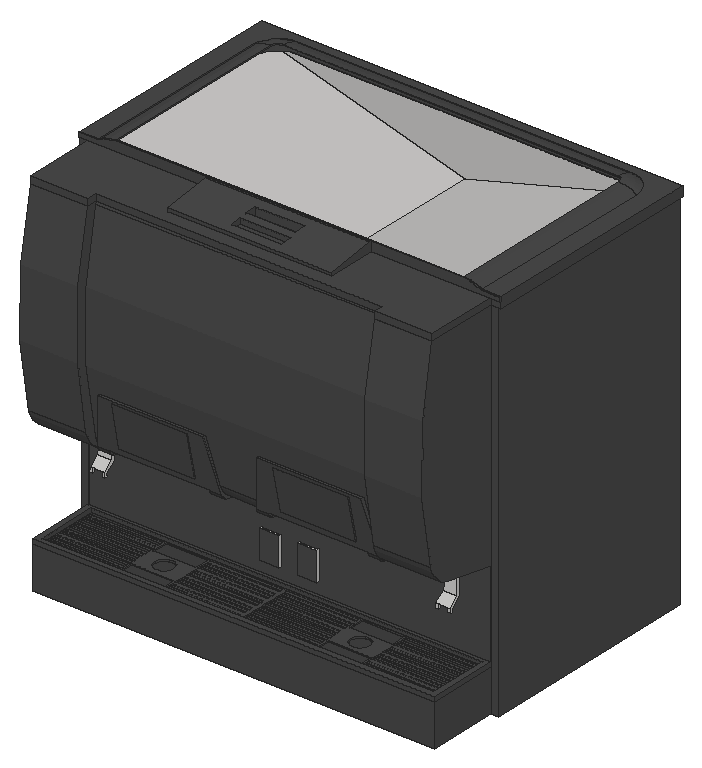
Revit family "QF_LANCER_TWINPOUR 44", category Specialty Equipment, Revit 2015
Parameters
  Weight in Pounds = 745
  Watts = if(Phase = 3, Volts * FL Amps * 1.73, Volts * FL Amps)  # 690 W
  Waste Water Discharge Temperature = 0 °F
  Volts = 115 V
  URL Cutsheet = ""
  Specification by User = ""
  Specification by Manufacturer = ""
  Serial Number = ""
  Seismic Rating = ""
  SMACNA No = ""
  Revision Code = ""
  Plumbing Remarks = ""
  Plumbing Connection Type = ""
  Phase = 1
  Number of Poles = 1
  NAFEM Spec ID Number = ""
  Model = "TWINPOUR 44"
  Min Ckt Ampacity = 0 A
  Max Overcurrent Protection = 0 A
  Material and Finishes = QF_Plastic - Black - Matte
  Masterspec = ""
  Manufacturer = "LANCER"
  Length = 44.00"
  Item Number = ""
  Installed By = ""
  Indirect Waste Size = 1 1/2"
  Indirect Waste Connection Type = ""
  Indirect Waste Connection Height = 0.00"
  Identify Quantity as Lot = yes
  Height = 39.38"
  HP = ""
  Furnished By = ""
  Foodservice Equipment Identifier = yes
  FL Amps = 6 A
  Electrical Remarks = ""
  Electric Connection Type = ""
  Elec Conn RI Height = 0.00"
  Elec Conn Connection Height = 0.00"
  Description = "ICE BEVERAGE DISPENSER"
  Depth = 31.13"
  Cycle = 60 Hz
  Conn Plug = ""
  Conn Conduit = yes
  Cold Water Temperature Recommended = 0 °F
  Cold Water Size = 3/8"
  Cold Water RI Height = 0.00"
  Cold Water Minimum Pressure = 0.00 psi
  Cold Water Maximum Pressure = 0.00 psi
  Cold Water Flow = 0 GPM
  Cold Water Consumption = ""
  Cold Water Connection Height = 0.00"
  CSI MasterFormat = ""
  Apparent Power = if(Phase = 3, Volts * FL Amps * 1.73, Volts * FL Amps)  # 690 VA
Reference planes (in)
  plane 1 "BACK": y = 0
  plane 2: z = 0
  plane 3 "LEFT": x = 0
  plane 4 "RIGHT": x = 44
  plane 5 "FRONT": y = -31.13
  plane 6 "TOP": z = 39.38
  plane 7 "Center Y": x = 22
  plane 8 "Center X": y = -15.565
  plane 9: y = -23.64038
Forms (in)
  Extrusion 1, solid, material "QF_Plastic - Black - Smooth"
    sketch origin (0, 0, 0) x (0, 1, 0) y (0, 0, 1)
      loop
        line (-23.75, 38.27297) -> (-31.44694, 38.27297)
        arc (-31.44694, 38.27297) -> (-32.90625, 27.686) -> (-31.6352, 17.07478) r 41.82941
        arc (-31.6352, 17.07478) -> (-30.76922, 15.61208) -> (-29.24743, 14.85475) r 3
        line (-29.24743, 14.85475) -> (-23.75, 13.88541) -> (-23.75, 38.27297)
    from 1 to 7
  Extrusion 2, solid, material "QF_Plastic - Black - Smooth"
    sketch origin (44, 0, 0) x (0, 1, 0) y (0, 0, -1)
      loop
        line (-23.75, -38.27297) -> (-23.75, -13.88541) -> (-29.24743, -14.85475)
        arc (-29.24743, -14.85475) -> (-30.76922, -15.61208) -> (-31.6352, -17.07478) r 3
        arc (-31.6352, -17.07478) -> (-32.90625, -27.686) -> (-31.44694, -38.27297) r 41.82941
        line (-31.44694, -38.27297) -> (-23.75, -38.27297)
    from 1 to 7
  Extrusion 3, solid, material "QF_Plastic - Black - Smooth"
    sketch origin (0, 0, 0) x (0, 1, 0) y (0, 0, 1)
      loop
        arc (-30.48639, 16.21937) -> (-29.91612, 15.28343) -> (-28.93286, 14.79928) r 1.9624
        line (-28.93286, 14.79928) -> (-23.75, 13.88541) -> (-23.75, 38.27297) -> (-30.41948, 38.27297)
        arc (-30.41948, 38.27297) -> (-30.45278, 38.18128) -> (-30.48091, 38.08787) r 1.75
        arc (-30.48091, 38.08787) -> (-31.93805, 27.15399) -> (-30.48639, 16.21937) r 41.82941
    from 7 to 37
  Extrusion 4, solid, material "QF_Metal - Stainless - Polished"
    sketch origin (-38.39759, -180, 38.27297) x (0, -1, 0) y (-1, 0, 0)
      loop
        line (-180, -81.39759) -> (-156.25, -81.39759) -> (-156.25, -39.39759) -> (-180, -39.39759) -> (-180, -81.39759)
    from 0 to 38.27297
  Extrusion 5, solid, material "QF_Plastic - Black - Matte" <- "Material and Finishes"
    sketch origin (0, 0, 0) x (1, 0, 0) y (0, 0, 1)
      loop
        line (0.25, 38.27297) -> (0.25, 0) -> (1, 0) -> (1, 38.27297) -> (0.25, 38.27297)
      loop
        line (43.75, 38.27297) -> (43, 38.27297) -> (43, 0) -> (43.75, 0) -> (43.75, 38.27297)
    from 0 to 23.75
  Extrusion 6, solid, material "QF_Plastic - Black - Matte"
    sketch origin (0, 0, 0) x (1, 0, 0) y (0, 1, 0)
      loop
        line (1, -23.75) -> (1, -31.13) -> (43, -31.13) -> (43, -23.75) -> (1, -23.75)
      loop
        line (1.5, -24.15076) -> (1.5, -30.63) -> (42.5, -30.63) -> (42.5, -24.15076) -> (1.5, -24.15076)
    from 4.35809 to 4.85809
  Extrusion 7, solid, material "QF_Plastic - Black - Matte" <- "Material and Finishes"
    sketch origin (0, 0, 0) x (1, 0, 0) y (0, 1, 0)
      loop
        line (1, -23.75) -> (1, -31.13) -> (43, -31.13) -> (43, -23.75) -> (1, -23.75)
      loop
        line (1.5, -24.15076) -> (1.5, -30.63) -> (42.5, -30.63) -> (42.5, -24.15076) -> (1.5, -24.15076)
    from 4.35809 to 0
  Extrusion 8, solid, material "QF_Metal - Stainless - Polished"
    sketch origin (0, 0, 0) x (0, 1, 0) y (1, 0, 0)
      loop
        line (-24.15076, 1.5) -> (-24.15076, 42.5) -> (-30.63, 42.5) -> (-30.63, 1.5) -> (-24.15076, 1.5)
    from 0 to -0.13
  Extrusion 9, solid, material "QF_Plastic - Black - Matte"
    sketch origin (0, 0, 4.35809) x (1, 0, 0) y (0, 1, 0)
      loop
        line (1.5, -30.63) -> (42.5, -30.63) -> (42.5, -24.15076) -> (1.5, -24.15076) -> (1.5, -30.63)
      loop
        circle (11.75, -27.39038) r 1
      loop
        line (1.6994, -27.26538) -> (1.6994, -27.51538) -> (9.3244, -27.51538) -> (9.3244, -27.26538) -> (1.6994, -27.26538)
      loop
        line (1.6994, -26.76538) -> (1.6994, -27.01538) -> (9.3244, -27.01538) -> (9.3244, -26.76538) -> (1.6994, -26.76538)
      loop
        line (1.6994, -26.26538) -> (1.6994, -26.51538) -> (9.3244, -26.51538) -> (9.3244, -26.26538) -> (1.6994, -26.26538)
      loop
        line (1.6994, -25.76538) -> (1.6994, -26.01538) -> (9.3244, -26.01538) -> (9.3244, -25.76538) -> (1.6994, -25.76538)
      loop
        line (1.6994, -25.26538) -> (1.6994, -25.51538) -> (9.3244, -25.51538) -> (9.3244, -25.26538) -> (1.6994, -25.26538)
      loop
        line (1.6994, -24.76538) -> (1.6994, -25.01538) -> (9.3244, -25.01538) -> (9.3244, -24.76538) -> (1.6994, -24.76538)
      loop
        line (1.6994, -24.26538) -> (1.6994, -24.51538) -> (9.3244, -24.51538) -> (9.3244, -24.26538) -> (1.6994, -24.26538)
      loop
        line (1.6994, -28.01538) -> (9.3244, -28.01538) -> (9.3244, -27.76538) -> (1.6994, -27.76538) -> (1.6994, -28.01538)
      loop
        line (1.6994, -28.51538) -> (9.3244, -28.51538) -> (9.3244, -28.26538) -> (1.6994, -28.26538) -> (1.6994, -28.51538)
      loop
        line (1.6994, -29.01538) -> (9.3244, -29.01538) -> (9.3244, -28.76538) -> (1.6994, -28.76538) -> (1.6994, -29.01538)
      loop
        line (1.6994, -29.51538) -> (9.3244, -29.51538) -> (9.3244, -29.26538) -> (1.6994, -29.26538) -> (1.6994, -29.51538)
      loop
        line (1.6994, -30.01538) -> (9.3244, -30.01538) -> (9.3244, -29.76538) -> (1.6994, -29.76538) -> (1.6994, -30.01538)
      loop
        line (1.6994, -30.51538) -> (9.3244, -30.51538) -> (9.3244, -30.26538) -> (1.6994, -30.26538) -> (1.6994, -30.51538)
      loop
        circle (32.25, -27.39038) r 1
      loop
        line (21.8006, -27.26538) -> (14.1756, -27.26538) -> (14.1756, -27.51538) -> (21.8006, -27.51538) -> (21.8006, -27.26538)
      loop
        line (21.8006, -26.76538) -> (14.1756, -26.76538) -> (14.1756, -27.01538) -> (21.8006, -27.01538) -> (21.8006, -26.76538)
      loop
        line (21.8006, -26.26538) -> (14.1756, -26.26538) -> (14.1756, -26.51538) -> (21.8006, -26.51538) -> (21.8006, -26.26538)
      loop
        line (21.8006, -25.76538) -> (14.1756, -25.76538) -> (14.1756, -26.01538) -> (21.8006, -26.01538) -> (21.8006, -25.76538)
      loop
        line (21.8006, -25.26538) -> (14.1756, -25.26538) -> (14.1756, -25.51538) -> (21.8006, -25.51538) -> (21.8006, -25.26538)
      loop
        line (21.8006, -24.76538) -> (14.1756, -24.76538) -> (14.1756, -25.01538) -> (21.8006, -25.01538) -> (21.8006, -24.76538)
      loop
        line (21.8006, -24.26538) -> (14.1756, -24.26538) -> (14.1756, -24.51538) -> (21.8006, -24.51538) -> (21.8006, -24.26538)
      loop
        line (21.8006, -28.01538) -> (21.8006, -27.76538) -> (14.1756, -27.76538) -> (14.1756, -28.01538) -> (21.8006, -28.01538)
      loop
        line (21.8006, -28.51538) -> (21.8006, -28.26538) -> (14.1756, -28.26538) -> (14.1756, -28.51538) -> (21.8006, -28.51538)
      loop
        line (21.8006, -29.01538) -> (21.8006, -28.76538) -> (14.1756, -28.76538) -> (14.1756, -29.01538) -> (21.8006, -29.01538)
      loop
        line (21.8006, -29.51538) -> (21.8006, -29.26538) -> (14.1756, -29.26538) -> (14.1756, -29.51538) -> (21.8006, -29.51538)
      loop
        line (21.8006, -30.01538) -> (21.8006, -29.76538) -> (14.1756, -29.76538) -> (14.1756, -30.01538) -> (21.8006, -30.01538)
      loop
        line (21.8006, -30.51538) -> (21.8006, -30.26538) -> (14.1756, -30.26538) -> (14.1756, -30.51538) -> (21.8006, -30.51538)
      loop
        line (22.1994, -27.26538) -> (22.1994, -27.51538) -> (29.8244, -27.51538) -> (29.8244, -27.26538) -> (22.1994, -27.26538)
      loop
        line (22.1994, -26.76538) -> (22.1994, -27.01538) -> (29.8244, -27.01538) -> (29.8244, -26.76538) -> (22.1994, -26.76538)
      loop
        line (22.1994, -26.26538) -> (22.1994, -26.51538) -> (29.8244, -26.51538) -> (29.8244, -26.26538) -> (22.1994, -26.26538)
      loop
        line (22.1994, -25.76538) -> (22.1994, -26.01538) -> (29.8244, -26.01538) -> (29.8244, -25.76538) -> (22.1994, -25.76538)
      loop
        line (22.1994, -25.26538) -> (22.1994, -25.51538) -> (29.8244, -25.51538) -> (29.8244, -25.26538) -> (22.1994, -25.26538)
      loop
        line (22.1994, -24.76538) -> (22.1994, -25.01538) -> (29.8244, -25.01538) -> (29.8244, -24.76538) -> (22.1994, -24.76538)
      loop
        line (22.1994, -24.26538) -> (22.1994, -24.51538) -> (29.8244, -24.51538) -> (29.8244, -24.26538) -> (22.1994, -24.26538)
      loop
        line (22.1994, -28.01538) -> (29.8244, -28.01538) -> (29.8244, -27.76538) -> (22.1994, -27.76538) -> (22.1994, -28.01538)
      loop
        line (22.1994, -28.51538) -> (29.8244, -28.51538) -> (29.8244, -28.26538) -> (22.1994, -28.26538) -> (22.1994, -28.51538)
      loop
        line (22.1994, -29.01538) -> (29.8244, -29.01538) -> (29.8244, -28.76538) -> (22.1994, -28.76538) -> (22.1994, -29.01538)
      loop
        line (22.1994, -29.51538) -> (29.8244, -29.51538) -> (29.8244, -29.26538) -> (22.1994, -29.26538) -> (22.1994, -29.51538)
      loop
        line (22.1994, -30.01538) -> (29.8244, -30.01538) -> (29.8244, -29.76538) -> (22.1994, -29.76538) -> (22.1994, -30.01538)
      loop
        line (22.1994, -30.51538) -> (29.8244, -30.51538) -> (29.8244, -30.26538) -> (22.1994, -30.26538) -> (22.1994, -30.51538)
      loop
        line (42.3006, -27.26538) -> (34.6756, -27.26538) -> (34.6756, -27.51538) -> (42.3006, -27.51538) -> (42.3006, -27.26538)
      loop
        line (42.3006, -26.76538) -> (34.6756, -26.76538) -> (34.6756, -27.01538) -> (42.3006, -27.01538) -> (42.3006, -26.76538)
      loop
        line (42.3006, -26.26538) -> (34.6756, -26.26538) -> (34.6756, -26.51538) -> (42.3006, -26.51538) -> (42.3006, -26.26538)
      loop
        line (42.3006, -25.76538) -> (34.6756, -25.76538) -> (34.6756, -26.01538) -> (42.3006, -26.01538) -> (42.3006, -25.76538)
      loop
        line (42.3006, -25.26538) -> (34.6756, -25.26538) -> (34.6756, -25.51538) -> (42.3006, -25.51538) -> (42.3006, -25.26538)
      loop
        line (42.3006, -24.76538) -> (34.6756, -24.76538) -> (34.6756, -25.01538) -> (42.3006, -25.01538) -> (42.3006, -24.76538)
      loop
        line (42.3006, -24.26538) -> (34.6756, -24.26538) -> (34.6756, -24.51538) -> (42.3006, -24.51538) -> (42.3006, -24.26538)
      loop
        line (42.3006, -28.01538) -> (42.3006, -27.76538) -> (34.6756, -27.76538) -> (34.6756, -28.01538) -> (42.3006, -28.01538)
      loop
        line (42.3006, -28.51538) -> (42.3006, -28.26538) -> (34.6756, -28.26538) -> (34.6756, -28.51538) -> (42.3006, -28.51538)
      loop
        line (42.3006, -29.01538) -> (42.3006, -28.76538) -> (34.6756, -28.76538) -> (34.6756, -29.01538) -> (42.3006, -29.01538)
      loop
        line (42.3006, -29.51538) -> (42.3006, -29.26538) -> (34.6756, -29.26538) -> (34.6756, -29.51538) -> (42.3006, -29.51538)
      loop
        line (42.3006, -30.01538) -> (42.3006, -29.76538) -> (34.6756, -29.76538) -> (34.6756, -30.01538) -> (42.3006, -30.01538)
      loop
        line (42.3006, -30.51538) -> (42.3006, -30.26538) -> (34.6756, -30.26538) -> (34.6756, -30.51538) -> (42.3006, -30.51538)
      loop
        line (9.50184, -24.26538) -> (9.50184, -26.01538) -> (13.99816, -26.01538) -> (13.99816, -24.26538) -> (9.50184, -24.26538)
      loop
        line (9.50184, -28.76538) -> (9.50184, -30.51538) -> (13.99816, -30.51538) -> (13.99816, -28.76538) -> (9.50184, -28.76538)
      loop
        line (34.49816, -24.26538) -> (30.00184, -24.26538) -> (30.00184, -26.01538) -> (34.49816, -26.01538) -> (34.49816, -24.26538)
      loop
        line (34.49816, -28.76538) -> (30.00184, -28.76538) -> (30.00184, -30.51538) -> (34.49816, -30.51538) -> (34.49816, -28.76538)
    from 0 to 0.13
  Extrusion 10, solid, material "QF_Metal - Stainless - Polished"
    sketch origin (0, 0, 0) x (0, 1, 0) y (0, 0, 1)
      loop
        line (-25.02385, 14.11002) -> (-25.40646, 10.99393) -> (-26.32979, 10.21917) -> (-26.32979, 9.58614) -> (-26.16909, 9.58614) -> (-26.16909, 10.02765) -> (-25.17032, 10.86572) -> (-24.77731, 14.06655) -> (-25.02385, 14.11002)
    from 3.08521 to 4.8212
  Extrusion 11, void
    sketch origin (0, 0, 0) x (1, 0, 0) y (0, 0, 1)
      loop
        line (3.17354, 9.77447) -> (3.48744, 14.26351) -> (2.83741, 14.26351) -> (2.83741, 9.26351) -> (5.069, 9.26351) -> (5.069, 14.26351) -> (4.41896, 14.26351) -> (4.73287, 9.77447) -> (4.44928, 9.77447) -> (4.44928, 10.21917) -> (3.45713, 10.21917) -> (3.45713, 9.77447) -> (3.17354, 9.77447)
      loop
        line (40.82646, 9.77447) -> (40.54287, 9.77447) -> (40.54287, 10.21917) -> (39.55072, 10.21917) -> (39.55072, 9.77447) -> (39.26713, 9.77447) -> (39.58104, 14.26351) -> (38.931, 14.26351) -> (38.931, 9.26351) -> (41.16259, 9.26351) -> (41.16259, 14.26351) -> (40.51256, 14.26351) -> (40.82646, 9.77447)
    from 23.64038 to 27.16426
  Extrusion 12, solid, material "QF_Plastic - Black - Smooth"
    sketch origin (-0.04072, 0, 0) x (1, 0, 0) y (0, 0, 1)
      loop
        line (2.61892, 13.86608) -> (5.36892, 13.86608) -> (5.36892, 15.36608) -> (2.61892, 15.36608) -> (2.61892, 13.86608)
    from 23.75 to 25.70479
  Extrusion 13, solid, material "QF_Metal - Stainless - Polished"
    sketch origin (44, 0, 0) x (0, 1, 0) y (0, 0, -1)
      loop
        line (-25.02385, -14.11002) -> (-24.77731, -14.06655) -> (-25.17032, -10.86572) -> (-26.16909, -10.02765) -> (-26.16909, -9.58614) -> (-26.32979, -9.58614) -> (-26.32979, -10.21917) -> (-25.40646, -10.99393) -> (-25.02385, -14.11002)
    from 3.08521 to 4.8212
  Extrusion 14, solid, material "QF_Plastic - Black - Smooth"
    sketch origin (44.04072, 0, 0) x (-1, 0, 0) y (0, 0, -1)
      loop
        line (2.61892, -13.86608) -> (2.61892, -15.36608) -> (5.36892, -15.36608) -> (5.36892, -13.86608) -> (2.61892, -13.86608)
    from 23.75 to 25.70479
  Extrusion 15, void
    sketch origin (0, -31.29292, 1.27927) x (1, 0, 0) y (0, 0.003758, 0.999993)
      loop
        line (8.2253, 19.77968) -> (6.87918, 12.14546) -> (20.52009, 12.14546) -> (19.17397, 19.77968) -> (8.2253, 19.77968)
    from -7.41795 to 1.59344
  Extrusion 16, solid, material "QF_Metal - Stainless - Polished"
    sketch origin (0, 0, 0) x (-1, 0, 0) y (0, 0, 1)
      loop
        circle (-22, 19.69) r 0.5
      loop
        circle (-22, 17.79376) r 0.1875
      loop
        circle (-22, 17.04376) r 0.1875
    from 0 to 0.13
  Extrusion 17, void
    sketch origin (0, 0, 0) x (-1, 0, 0) y (0, 1, 0)
      loop
        circle (-22, -27.38519) r 0.75
    from 0 to -0.13
  Extrusion 18, void
    sketch origin (44, -31.29292, 1.27927) x (-1, 0, 0) y (0, -0.003758, -0.999993)
      loop
        line (8.2253, -19.77968) -> (19.17397, -19.77968) -> (20.52009, -12.14546) -> (6.87918, -12.14546) -> (8.2253, -19.77968)
    from -7.41795 to 1.59344
  Extrusion 19, solid, material "QF_Plastic - Black - Smooth"
    sketch origin (0, -23.87503, 1.2514) x (1, 0, 0) y (0, 0.003758, 0.999993)
      loop
        line (8.26436, 19.77968) -> (7.00681, 12.64777) -> (20.43152, 12.64777) -> (19.17397, 19.77968) -> (8.26436, 19.77968)
      loop
        line (35.73564, 19.77968) -> (24.82603, 19.77968) -> (23.56848, 12.64777) -> (36.99319, 12.64777) -> (35.73564, 19.77968)
    from 0 to 8.08029
  Extrusion 20, void
    sketch origin (0, 0, 0) x (0, 1, 0) y (0, 0, 1)
      loop
        line (-31.77908, 21.66214) -> (-32.37867, 21.66214) -> (-32.4096, 13.43132) -> (-23.86223, 13.3992) -> (-23.86223, 13.70211) -> (-29.90627, 14.86389)
        arc (-29.90627, 14.86389) -> (-30.2171, 15.01883) -> (-30.40258, 15.31247) r 0.64519
        arc (-30.40258, 15.31247) -> (-31.21369, 18.46067) -> (-31.77908, 21.66214) r 42.03738
    from 6.1986 to 38.03394
  Extrusion 21, void
    sketch origin (-1.125, 0, 0) x (0, 1, 0) y (1, 0, 0)
      loop
        line (-25.12819, 11.29832) -> (-25.12819, 18.40328) -> (-30.08549, 20.01401)
        arc (-30.08549, 20.01401) -> (-30.75809, 19.90748) -> (-31.06725, 19.30072) r 0.75
        line (-31.06725, 19.30072) -> (-31.06725, 10.40089)
        arc (-31.06725, 10.40089) -> (-30.75809, 9.79412) -> (-30.08549, 9.68759) r 0.75
        line (-30.08549, 9.68759) -> (-25.12819, 11.29832)
    from -15.45983 to -13.62221
  Extrusion 22, void
    sketch origin (45.125, 0, 0) x (0, -1, 0) y (-1, 0, 0)
      loop
        line (25.12819, 11.29832) -> (30.08549, 9.68759)
        arc (30.08549, 9.68759) -> (30.75809, 9.79412) -> (31.06725, 10.40089) r 0.75
        line (31.06725, 10.40089) -> (31.06725, 19.30072)
        arc (31.06725, 19.30072) -> (30.75809, 19.90748) -> (30.08549, 20.01401) r 0.75
        line (30.08549, 20.01401) -> (25.12819, 18.40328) -> (25.12819, 11.29832)
    from -15.45983 to -13.62221
  Revolve 23, solid, material "QF_Plastic - Black - Smooth"
    sketch origin (0, -27.37096, 0.46249) x (1, 0, 0) y (0, 0, 1)
      loop
        line (13.84509, 13.32552) -> (13.84509, 15.45983) -> (12.84509, 15.45983) -> (12.84509, 15.26773) -> (13.13855, 14.36456) -> (13.13855, 13.4702)
        arc (13.13855, 13.4702) -> (13.18093, 13.3679) -> (13.28324, 13.32552) r 0.14469
        line (13.28324, 13.32552) -> (13.84509, 13.32552)
      axis (13.84509, 13.32552) -> (13.84509, 15.45983)
    angle from 0 to 360
  Revolve 24, solid, material "QF_Plastic - Black - Smooth"
    sketch origin (44, -27.37096, 0.46249) x (-1, 0, 0) y (0, 0, -1)
      loop
        line (13.84509, -13.32552) -> (13.28324, -13.32552)
        arc (13.28324, -13.32552) -> (13.18093, -13.3679) -> (13.13855, -13.4702) r 0.14469
        line (13.13855, -13.4702) -> (13.13855, -14.36456) -> (12.84509, -15.26773) -> (12.84509, -15.45983) -> (13.84509, -15.45983) -> (13.84509, -13.32552)
      axis (13.84509, -13.32552) -> (13.84509, -15.45983)
    angle from 0 to 360
  Extrusion 25, solid, material "QF_Metal - Stainless - Polished"
    sketch origin (42, -23.75, 38.27297) x (-1, 0, 0) y (0, 0, -1)
      loop
        line (22.97074, 29.20701) -> (22.97074, 32.20701) -> (20.98128, 32.20701) -> (20.98128, 29.20701) -> (22.97074, 29.20701)
      loop
        line (17.02926, 29.20701) -> (19.01872, 29.20701) -> (19.01872, 32.20701) -> (17.02926, 32.20701) -> (17.02926, 29.20701)
    from 0 to 0.25
  Extrusion 26, solid, material "QF_Plastic - Black - Smooth"
    sketch origin (0, 0, 0) x (0, 1, 0) y (0, 0, 1)
      loop
        line (-30.6475, 16.10515) -> (-30.53341, 16.10515)
        arc (-30.53341, 16.10515) -> (-31.09324, 18.39366) -> (-31.52459, 20.70983) r 42.23422
        line (-31.52459, 20.70983) -> (-31.63752, 20.70983)
        arc (-31.63752, 20.70983) -> (-31.20705, 18.39361) -> (-30.6475, 16.10515) r 42.0342
    from 9.63114 to 17.50219
  Extrusion 27, solid, material "QF_Plastic - Black - Smooth"
    sketch origin (44, 0, 0) x (0, 1, 0) y (0, 0, -1)
      loop
        arc (-30.6475, -16.10515) -> (-31.20705, -18.39361) -> (-31.63752, -20.70983) r 42.0342
        line (-31.63752, -20.70983) -> (-31.52459, -20.70983)
        arc (-31.52459, -20.70983) -> (-31.09324, -18.39366) -> (-30.53341, -16.10515) r 42.23422
        line (-30.53341, -16.10515) -> (-30.6475, -16.10515)
    from 9.63114 to 17.50219
  Extrusion 28, void
    sketch origin (44, -22.75, 38.27297) x (-1, 0, 0) y (0, 0, 1)
      loop
        line (2, 0) -> (22, -5.51924) -> (42, 0) -> (2, 0)
    from -1 to 21.75
  Extrusion 29, solid, material "QF_Plastic - Black - Smooth"
    sketch origin (0, -23.64038, 37.84663) x (0, -1, 0) y (1, 0, 0)
      loop
        line (7.80656, 1) -> (7.80656, 7) -> (6.7791, 7) -> (6.7791, 37) -> (7.80656, 37) -> (7.80656, 43) -> (0.10962, 43) -> (0.10962, 1) -> (7.80656, 1)
    from 0.42634 to 1.10703
  Extrusion 30, solid, material "QF_Plastic - Black - Smooth"
    sketch origin (-38.39759, -180, 38.95366) x (-1, 0, 0) y (0, -1, 0)
      loop
        line (-38.39759, -180) -> (-38.39759, -156.25) -> (-40.39759, -156.25) -> (-40.39759, -176.49)
        arc (-40.39759, -176.49) -> (-41.13275, -178.26484) -> (-42.90759, -179) r 2.51
        line (-42.90759, -179) -> (-77.88759, -179)
        arc (-77.88759, -179) -> (-79.66243, -178.26484) -> (-80.39759, -176.49) r 2.51
        line (-80.39759, -176.49) -> (-80.39759, -156.25) -> (-82.39759, -156.25) -> (-82.39759, -180) -> (-38.39759, -180)
    from 0.42634 to -0.68069
  Extrusion 31, solid, material "QF_Plastic - Black - Smooth"
    sketch origin (0, -23.64038, 38.95366) x (0, -1, 0) y (1, 0, 0)
      loop
        line (1.48462, 19.375) -> (2.60606, 19.375) -> (2.60606, 24.625) -> (1.48462, 24.625) -> (1.48462, 19.375)
      loop
        line (3.35701, 19.375) -> (4.47845, 19.375) -> (4.47845, 24.625) -> (3.35701, 24.625) -> (3.35701, 19.375)
      loop
        line (0.23962, 13.43322) -> (5.375, 13.43322) -> (5.375, 30.56678) -> (0.23962, 30.56678) -> (0.23962, 13.43322)
    from 0 to 1
  Extrusion 32, void
    sketch origin (0, 0, -0.42634) x (0, 1, 0) y (0, 0, 1)
      loop
        line (-23.78944, 40.41479) -> (-23.78944, 40.89934) -> (-29.23592, 40.89934) -> (-29.23592, 39.64934) -> (-23.78944, 40.41479)
    from 12.58687 to 31.8212
  Extrusion 33, solid, material "QF_Plastic - Black - Smooth"
    sketch origin (44, -23.75, 38.95366) x (-1, 0, 0) y (0, 0, -1)
      loop
        line (44, 0) -> (0, 0) -> (0, -0.42634) -> (2, -0.42634)
        arc (2, -0.42634) -> (2.87974, -0.83453) -> (3.83788, -0.98459) r 3.48649
        line (3.83788, -0.98459) -> (22, -0.98459) -> (40.16212, -0.98459)
        arc (40.16212, -0.98459) -> (41.05711, -0.81833) -> (41.87869, -0.42634) r 3.49095
        line (41.87869, -0.42634) -> (44, -0.42634) -> (44, 0)
    from 0 to 0.13
  Sweep 34, solid, material "QF_Plastic - Black - Smooth"
    path origin (-38.39759, -180, 39.38) x (-1, 0, 0) y (0, -1, 0)
      loop
        line (-40.39759, -156.25) -> (-40.39759, -176.49)
        arc (-40.39759, -176.49) -> (-41.13275, -178.26484) -> (-42.90759, -179) r 2.51
        line (-42.90759, -179) -> (-77.88759, -179)
        arc (-77.88759, -179) -> (-79.66243, -178.26484) -> (-80.39759, -176.49) r 2.51
        line (-80.39759, -176.49) -> (-80.39759, -156.25)
    profile origin (42, -13.63, 39.38) x (1, 0, 0) y (0, 0, 1)
      loop
        arc (0, 0) -> (-0.88532, 0.39388) -> (-1.84024, 0.55837) r 3.91675
        line (-1.84024, 0.55837) -> (-1.84024, 0.50831)
        arc (-1.84024, 0.50831) -> (-0.93919, 0.35775) -> (-0.09861, 0) r 3.86675
        line (-0.09861, 0) -> (0, 0)
Cuts and joins
  joined: Extrusion 2, Extrusion 14
  Extrusion 15, Extrusion 18 cuts Extrusion 3
  Extrusion 17 cuts Extrusion 7
  Extrusion 17 cuts Extrusion 8
  Extrusion 11 cuts Extrusion 10
  Extrusion 18 cuts Extrusion 1
  Extrusion 20, Extrusion 21, Extrusion 22 cuts Extrusion 19
  joined: Extrusion 19, Revolve 23, Revolve 24, Extrusion 26
  Extrusion 28 cuts Extrusion 4
  Extrusion 32 cuts Extrusion 31
  Extrusion 11 cuts Extrusion 13
Lines and regions (in)
  symbolic lines
    curve 1: line (4.51, -2.84024, 0) -> (39.49, -2.84024, 0)
    curve 2: line (3.84024, -23.75, 0) -> (3.84024, -3.51, 0)
    curve 3: arc (3.84024, -3.51, 0) -> (4.03641, -3.03641, 0) -> (4.51, -2.84024, 0) r 0.66976
    curve 4: arc (39.49, -2.84024, 0) -> (39.96359, -3.03641, 0) -> (40.15976, -3.51, 0) r 0.66976
    curve 5: line (40.15976, -3.51, 0) -> (40.15976, -23.75, 0)
    curve 6: line (42, -3.51, 0) -> (42, -23.75, 0)
    curve 7: arc (39.49, -1, 0) -> (41.26484, -1.73516, 0) -> (42, -3.51, 0) r 2.51
    curve 8: line (4.51, -1, 0) -> (39.49, -1, 0)
    curve 9: arc (2, -3.51, 0) -> (2.73516, -1.73516, 0) -> (4.51, -1, 0) r 2.51
    curve 10: line (2, -23.75, 0) -> (2, -3.51, 0)
    curve 11: line (0, 0, 0) -> (0, -23.88, 0)
    curve 12: line (44, 0, 0) -> (0, 0, 0)
    curve 13: line (44, -23.88, 0) -> (44, 0, 0)
    curve 14: line (0, -23.88, 0) -> (44, -23.88, 0)
    curve 15: line (44, -23.75, 0) -> (0, -23.75, 0)
    curve 16: line (1, -23.88, 0) -> (1, -32.9079, 0)
    curve 17: line (1, -32.9079, 0) -> (7, -32.9079, 0)
    curve 18: line (7, -32.9079, 0) -> (7, -30.48639, 0)
    curve 19: line (7, -30.48639, 0) -> (37, -30.48639, 0)
    curve 20: line (37, -30.48639, 0) -> (37, -32.9079, 0)
    curve 21: line (37, -32.9079, 0) -> (43, -32.9079, 0)
    curve 22: line (43, -32.9079, 0) -> (43, -23.88, 0)
    curve 23: line (7, -31.93805, 0) -> (37, -31.93805, 0)
    curve 24: line (13.43322, -29.01538, 0) -> (30.56678, -29.01538, 0)
    curve 25: line (30.56678, -29.01538, 0) -> (30.56678, -23.88, 0)
    curve 26: line (13.43322, -29.01538, 0) -> (13.43322, -23.88, 0)
Dimensions and locks (in)
  equal spacing: plane 3 "LEFT", plane 7 "Center Y", plane 4 "RIGHT"
  "Length": plane 3 "LEFT" to plane 4 "RIGHT"
  equal spacing: plane 5 "FRONT", plane 8 "Center X", plane 1 "BACK"
  "Depth": plane 5 "FRONT" to plane 1 "BACK"
  "Height": plane 6 "TOP" to level
  plane 6 "TOP" to level = 39.38"
  equal spacing: plane 6 "TOP", Extrusion 16 sketch curve, level
  Extrusion 5 to plane 1 "BACK" = 23.75"
  plane 5 "FRONT" to plane 1 "BACK" = 31.13"
  aligned and locked: level to plane 2
Automatic sketch dimensions
  plane 5 "FRONT" to Extrusion 1 sketch curve = 0.31694"
  Extrusion 1 sketch curve to plane 5 "FRONT" = 1.88257"
  Extrusion 1 sketch curve to plane 5 "FRONT" = 2.40352"
  Extrusion 1 sketch curve to plane 6 "TOP" = 1.10703"
  Extrusion 1 sketch curve to plane 5 "FRONT" = 7.38"
  Extrusion 1 sketch curve to plane 1 "BACK" = 8.92151"
  Extrusion 1 sketch curve to plane 6 "TOP" = 12.06548"
  level to Extrusion 1 sketch curve = 17.80917"
  Extrusion 1 sketch curve to Extrusion 1 sketch curve = 2.95442"
  Extrusion 1 sketch curve to Extrusion 1 sketch curve = 0.96934"
  plane 5 "FRONT" to Extrusion 2 sketch curve = 0.31694"
  Extrusion 2 sketch curve to plane 5 "FRONT" = 1.88257"
  Extrusion 2 sketch curve to plane 5 "FRONT" = 2.40352"
  Extrusion 2 sketch curve to Extrusion 2 sketch curve = 5.49743"
  Extrusion 2 sketch curve to plane 1 "BACK" = 8.92151"
  Extrusion 2 sketch curve to plane 6 "TOP" = 1.10703"
  Extrusion 2 sketch curve to plane 6 "TOP" = 12.06548"
  level to Extrusion 2 sketch curve = 17.80917"
  Extrusion 2 sketch curve to Extrusion 2 sketch curve = 2.95442"
  Extrusion 2 sketch curve to Extrusion 2 sketch curve = 0.96934"
  Extrusion 3 sketch curve to plane 5 "FRONT" = 0.71052"
  Extrusion 3 sketch curve to plane 5 "FRONT" = 2.19714"
  Extrusion 3 sketch curve to Extrusion 3 sketch curve = 1.6276"
  Extrusion 3 sketch curve to Extrusion 3 sketch curve = 0.34077"
  Extrusion 3 sketch curve to Extrusion 3 sketch curve = 5.18286"
  Extrusion 3 sketch curve to plane 1 "BACK" = 9.89136"
  level to Extrusion 3 sketch curve = 13.88541"
  Extrusion 3 sketch curve to Extrusion 3 sketch curve = 0.91388"
  Extrusion 3 sketch curve to Extrusion 3 sketch curve = 1.93259"
  Extrusion 3 sketch curve to plane 6 "TOP" = 12.23649"
  Extrusion 3 sketch curve to plane 6 "TOP" = 1.75"
  Extrusion 3 sketch curve to plane 6 "TOP" = 1.10703"
  Extrusion 3 sketch curve to Extrusion 3 sketch curve = 0.00"
  plane 1 "BACK" to Extrusion 4 sketch curve = 0.00"
  plane 3 "LEFT" to Extrusion 4 sketch curve = 1.00"
  Extrusion 4 sketch curve to plane 5 "FRONT" = 7.38"
  plane 4 "RIGHT" to Extrusion 4 sketch curve = 1.00"
  Extrusion 5 sketch curve to level = 0.00"  (x2)
  plane 3 "LEFT" to Extrusion 5 sketch curve = 0.25"
  Extrusion 5 sketch curve to Extrusion 5 sketch curve = 0.75"
  plane 4 "RIGHT" to Extrusion 5 sketch curve = 1.00"
  plane 4 "RIGHT" to Extrusion 5 sketch curve = 0.25"
  Extrusion 5 sketch curve to plane 6 "TOP" = 1.10703"  (x2)
  plane 5 "FRONT" to Extrusion 6 sketch curve = 0.00"
  plane 3 "LEFT" to Extrusion 6 sketch curve = 1.00"
  Extrusion 6 sketch curve to Extrusion 6 sketch curve = 0.50"  (x2)
  Extrusion 6 sketch curve to plane 5 "FRONT" = 0.50"
  plane 4 "RIGHT" to Extrusion 6 sketch curve = 1.50"
  plane 9 to Extrusion 6 sketch curve = 0.51038"
  plane 9 to Extrusion 6 sketch curve = 0.10962"
  plane 5 "FRONT" to Extrusion 7 sketch curve = 0.00"
  plane 3 "LEFT" to Extrusion 7 sketch curve = 1.00"
  Extrusion 7 sketch curve to Extrusion 7 sketch curve = 0.50"  (x2)
  plane 4 "RIGHT" to Extrusion 7 sketch curve = 1.50"
  Extrusion 7 sketch curve to plane 5 "FRONT" = 0.50"
  Extrusion 7 sketch curve to Extrusion 7 sketch curve = 6.47924"
  Extrusion 7 sketch curve to Extrusion 7 sketch curve = 0.40076"
  Extrusion 8 sketch curve to Extrusion 7 = 0.00"  (x4)
  Extrusion 9 sketch curve to Extrusion 7 = 0.00"  (x3)
  Extrusion 7 to Extrusion 9 sketch curve = 0.00"
  Extrusion 7 to Extrusion 9 sketch curve = 0.1994"  (x26)
  Extrusion 7 to Extrusion 9 sketch curve = 0.86462"
  Extrusion 9 sketch curve to Extrusion 9 sketch curve = 7.625"  (x3)
  Extrusion 7 to Extrusion 9 sketch curve = 0.11462"  (x12)
  Extrusion 9 sketch curve to Extrusion 9 sketch curve = 0.00"  (x56)
  Extrusion 9 sketch curve to Extrusion 9 sketch curve = 0.17744"  (x14)
  Extrusion 9 sketch curve to Extrusion 9 sketch curve = 2.4256"  (x2)
  Extrusion 9 sketch curve to Extrusion 9 sketch curve = 2.24816"  (x4)
  Extrusion 7 to Extrusion 9 sketch curve = 2.86462"  (x2)
  Extrusion 7 to Extrusion 9 sketch curve = 0.36462"  (x2)
  Extrusion 9 sketch curve to Extrusion 9 sketch curve = 0.39881"  (x12)
  Extrusion 9 sketch curve to Extrusion 9 sketch curve = 0.25"  (x92)
  Extrusion 9 sketch curve to Extrusion 9 sketch curve = 0.125"  (x2)
  Extrusion 10 sketch curve to plane 5 "FRONT" = 4.80021"
  Extrusion 10 sketch curve to Extrusion 10 sketch curve = 0.1607"
  Extrusion 10 sketch curve to Extrusion 10 sketch curve = 0.92333"
  Extrusion 10 sketch curve to Extrusion 10 sketch curve = 0.23614"
  Extrusion 10 sketch curve to Extrusion 10 sketch curve = 0.38261"
  Extrusion 10 sketch curve to Extrusion 10 sketch curve = 0.24654"
  level to Extrusion 10 sketch curve = 9.58614"
  Extrusion 10 sketch curve to Extrusion 10 sketch curve = 0.44151"
  Extrusion 10 sketch curve to Extrusion 10 sketch curve = 0.19151"
  Extrusion 10 sketch curve to Extrusion 10 sketch curve = 0.83807"
  Extrusion 10 sketch curve to Extrusion 10 sketch curve = 0.12821"
  Extrusion 10 sketch curve to Extrusion 10 sketch curve = 3.07261"
  Extrusion 10 sketch curve to Extrusion 10 sketch curve = 0.04347"
  plane 3 "LEFT" to Extrusion 11 sketch curve = 2.83741"
  Extrusion 11 sketch curve to Extrusion 11 sketch curve = 0.33613"  (x2)
  Extrusion 11 sketch curve to Extrusion 11 sketch curve = 0.28359"  (x4)
  Extrusion 11 sketch curve to Extrusion 11 sketch curve = 0.65003"  (x4)
  Extrusion 11 sketch curve to Extrusion 11 sketch curve = 0.93152"  (x2)
  Extrusion 11 sketch curve to Extrusion 11 sketch curve = 0.99215"  (x2)
  plane 4 "RIGHT" to Extrusion 11 sketch curve = 5.069"
  level to Extrusion 11 sketch curve = 9.26351"  (x2)
  Extrusion 11 sketch curve to Extrusion 11 sketch curve = 0.51096"  (x4)
  Extrusion 11 sketch curve to Extrusion 11 sketch curve = 0.4447"  (x2)
  Extrusion 11 sketch curve to Extrusion 11 sketch curve = 4.04434"  (x2)
  Extrusion 11 sketch curve to Extrusion 11 sketch curve = 0.00"  (x2)
  plane 3 "LEFT" to Extrusion 12 sketch curve = 2.5782"
  Extrusion 12 sketch curve to Extrusion 12 sketch curve = 2.75"
  level to Extrusion 12 sketch curve = 13.86608"
  Extrusion 12 sketch curve to Extrusion 12 sketch curve = 1.50"
  Extrusion 13 sketch curve to plane 5 "FRONT" = 4.80021"
  Extrusion 13 sketch curve to Extrusion 13 sketch curve = 0.1607"
  Extrusion 13 sketch curve to Extrusion 13 sketch curve = 0.92333"
  Extrusion 13 sketch curve to Extrusion 13 sketch curve = 0.23614"
  Extrusion 13 sketch curve to Extrusion 13 sketch curve = 0.38261"
  Extrusion 13 sketch curve to Extrusion 13 sketch curve = 0.24654"
  level to Extrusion 13 sketch curve = 14.11002"
  Extrusion 13 sketch curve to Extrusion 13 sketch curve = 0.04347"
  Extrusion 13 sketch curve to Extrusion 13 sketch curve = 3.07261"
  Extrusion 13 sketch curve to Extrusion 13 sketch curve = 0.12821"
  Extrusion 13 sketch curve to Extrusion 13 sketch curve = 0.77477"
  Extrusion 13 sketch curve to Extrusion 13 sketch curve = 0.19151"
  Extrusion 13 sketch curve to Extrusion 13 sketch curve = 0.44151"
  Extrusion 14 sketch curve to plane 4 "RIGHT" = 2.5782"
  Extrusion 14 sketch curve to Extrusion 14 sketch curve = 2.75"
  Extrusion 14 sketch curve to level = 13.86608"
  Extrusion 14 sketch curve to Extrusion 14 sketch curve = 1.50"
  plane 3 "LEFT" to Extrusion 15 sketch curve = 6.87918"
  Extrusion 15 sketch curve to Extrusion 15 sketch curve = 1.34612"
  Extrusion 15 sketch curve to plane 7 "Center Y" = 2.82603"
  Extrusion 15 sketch curve to plane 7 "Center Y" = 1.47991"
  Extrusion 15 sketch curve to Extrusion 15 sketch curve = 7.63422"
  Extrusion 5 to Extrusion 16 sketch curve = 21.00"
  Extrusion 16 sketch curve to Extrusion 16 sketch curve = 0.00"  (x2)
  Extrusion 16 sketch curve to Extrusion 16 sketch curve = 1.89624"
  Extrusion 16 sketch curve to Extrusion 16 sketch curve = 0.75"
  Extrusion 8 to Extrusion 17 sketch curve = 3.23443"
  Extrusion 8 to Extrusion 17 sketch curve = 20.50"
  plane 4 "RIGHT" to Extrusion 18 sketch curve = 6.87918"
  Extrusion 18 sketch curve to Extrusion 18 sketch curve = 1.34612"
  plane 7 "Center Y" to Extrusion 18 sketch curve = 2.82603"
  plane 7 "Center Y" to Extrusion 18 sketch curve = 1.47991"
  Extrusion 18 sketch curve to Extrusion 18 sketch curve = 7.63422"
  Extrusion 19 sketch curve to Extrusion 15 = 0.00"  (x3)
  Extrusion 15 to Extrusion 19 sketch curve = 0.00"
  Extrusion 19 sketch curve to Extrusion 19 sketch curve = 10.90961"  (x2)
  Extrusion 19 sketch curve to Extrusion 15 = 0.50231"  (x2)
  Extrusion 19 sketch curve to Extrusion 19 sketch curve = 1.25755"  (x2)
  Extrusion 19 sketch curve to Extrusion 19 sketch curve = 3.13696"
  Extrusion 19 sketch curve to Extrusion 19 sketch curve = 5.65206"
  plane 5 "FRONT" to Extrusion 20 sketch curve = 1.2796"
  plane 5 "FRONT" to Extrusion 20 sketch curve = 1.24867"
  Extrusion 20 sketch curve to Extrusion 20 sketch curve = 0.59959"
  Extrusion 20 sketch curve to plane 5 "FRONT" = 1.22373"
  Extrusion 20 sketch curve to Extrusion 20 sketch curve = 0.12179"
  Extrusion 20 sketch curve to Extrusion 20 sketch curve = 6.04404"
  Extrusion 20 sketch curve to plane 1 "BACK" = 9.86941"
  level to Extrusion 20 sketch curve = 13.3992"
  Extrusion 20 sketch curve to Extrusion 20 sketch curve = 0.03212"
  Extrusion 20 sketch curve to Extrusion 20 sketch curve = 0.30291"
  Extrusion 20 sketch curve to Extrusion 20 sketch curve = 1.43257"
  Extrusion 20 sketch curve to Extrusion 20 sketch curve = 0.6336"
  Extrusion 20 sketch curve to plane 6 "TOP" = 12.01316"
  Extrusion 7 to Extrusion 21 sketch curve = 0.06275"
  Extrusion 21 sketch curve to Extrusion 7 = 0.31275"  (x2)
  Extrusion 21 sketch curve to Extrusion 7 = 0.54451"  (x2)
  Extrusion 21 sketch curve to Extrusion 7 = 0.97743"
  Extrusion 21 sketch curve to Extrusion 7 = 17.38901"
  Extrusion 21 sketch curve to Extrusion 21 sketch curve = 1.61073"
  Extrusion 21 sketch curve to Extrusion 21 sketch curve = 7.10496"
  Extrusion 21 sketch curve to Extrusion 21 sketch curve = 0.89743"
  Extrusion 22 sketch curve to Extrusion 7 = 0.97743"
  Extrusion 22 sketch curve to Extrusion 7 = 0.54451"  (x2)
  Extrusion 22 sketch curve to Extrusion 7 = 0.31275"  (x2)
  Extrusion 7 to Extrusion 22 sketch curve = 0.06275"
  Extrusion 22 sketch curve to Extrusion 7 = 17.38901"
  Extrusion 22 sketch curve to Extrusion 22 sketch curve = 1.61073"
  Extrusion 22 sketch curve to Extrusion 22 sketch curve = 7.10496"
  Extrusion 22 sketch curve to Extrusion 22 sketch curve = 0.89743"
  Revolve 23 sketch curve to plane 7 "Center Y" = 9.15491"
  Revolve 23 sketch curve to Revolve 23 sketch curve = 0.29346"
  Revolve 23 sketch curve to Revolve 23 sketch curve = 0.14469"
  Revolve 23 sketch curve to Revolve 23 sketch curve = 0.56186"
  level to Revolve 23 sketch curve = 13.78801"
  Revolve 23 sketch curve to Revolve 23 sketch curve = 0.89436"
  Revolve 23 sketch curve to Revolve 23 sketch curve = 0.90317"
  Revolve 23 sketch curve to Revolve 23 sketch curve = 0.19209"
  Revolve 23 sketch curve to Revolve 23 sketch curve = 0.00"  (x2)
  Revolve 23 sketch curve to Revolve 23 sketch curve = 0.79003"
  plane 7 "Center Y" to Revolve 24 sketch curve = 9.15491"
  Revolve 24 sketch curve to Revolve 24 sketch curve = 0.29346"
  Revolve 24 sketch curve to Revolve 24 sketch curve = 0.14469"
  Revolve 24 sketch curve to Revolve 24 sketch curve = 0.56186"
  level to Revolve 24 sketch curve = 15.92232"
  Revolve 24 sketch curve to Revolve 24 sketch curve = 0.19209"
  Revolve 24 sketch curve to Revolve 24 sketch curve = 0.90317"
  Revolve 24 sketch curve to Revolve 24 sketch curve = 0.89436"
  Revolve 24 sketch curve to Revolve 24 sketch curve = 0.00"  (x2)
  Revolve 24 sketch curve to Revolve 24 sketch curve = 0.79003"
  Extrusion 4 to Extrusion 25 sketch curve = 6.06596"
  Extrusion 25 sketch curve to Extrusion 4 = 18.02926"
  Extrusion 25 sketch curve to Extrusion 25 sketch curve = 1.98946"  (x2)
  Extrusion 25 sketch curve to Extrusion 25 sketch curve = 1.96256"
  Extrusion 25 sketch curve to Extrusion 25 sketch curve = 0.00"  (x2)
  Extrusion 25 sketch curve to Extrusion 25 sketch curve = 3.00"
  plane 5 "FRONT" to Extrusion 26 sketch curve = 0.50752"
  Extrusion 26 sketch curve to Extrusion 26 sketch curve = 0.11293"
  Extrusion 26 sketch curve to plane 5 "FRONT" = 0.4825"
  Extrusion 26 sketch curve to Extrusion 26 sketch curve = 0.11409"
  Extrusion 26 sketch curve to plane 1 "BACK" = 9.88805"
  Extrusion 26 sketch curve to Extrusion 26 sketch curve = 0.30721"
  level to Extrusion 26 sketch curve = 16.10515"
  Extrusion 26 sketch curve to Extrusion 26 sketch curve = 4.60467"
  plane 5 "FRONT" to Extrusion 27 sketch curve = 0.50752"
  Extrusion 27 sketch curve to Extrusion 27 sketch curve = 0.11293"
  Extrusion 27 sketch curve to plane 5 "FRONT" = 0.4825"
  Extrusion 27 sketch curve to Extrusion 27 sketch curve = 0.11409"
  Extrusion 27 sketch curve to plane 1 "BACK" = 9.88805"
  Extrusion 27 sketch curve to Extrusion 27 sketch curve = 0.30721"
  Extrusion 27 sketch curve to plane 6 "TOP" = 12.09878"
  Extrusion 27 sketch curve to Extrusion 27 sketch curve = 0.05209"
  Extrusion 28 sketch curve to plane 7 "Center Y" = 0.00"
  plane 4 "RIGHT" to Extrusion 28 sketch curve = 2.00"
  plane 3 "LEFT" to Extrusion 28 sketch curve = 2.00"
  Extrusion 28 sketch curve to plane 6 "TOP" = 6.62627"
  Extrusion 28 sketch curve to plane 6 "TOP" = 1.10703"
  plane 3 "LEFT" to Extrusion 29 sketch curve = 1.00"
  Extrusion 29 sketch curve to plane 5 "FRONT" = 7.38"
  Extrusion 29 sketch curve to plane 5 "FRONT" = 0.71052"
  plane 5 "FRONT" to Extrusion 29 sketch curve = 0.31694"  (x2)
  Extrusion 29 sketch curve to Extrusion 29 sketch curve = 6.00"
  plane 4 "RIGHT" to Extrusion 29 sketch curve = 7.00"
  plane 4 "RIGHT" to Extrusion 29 sketch curve = 1.00"
  plane 1 "BACK" to Extrusion 30 sketch curve = 0.00"
  Extrusion 30 sketch curve to plane 4 "RIGHT" = 0.00"
  Extrusion 30 sketch curve to plane 3 "LEFT" = 0.00"
  plane 4 "RIGHT" to Extrusion 30 sketch curve = 2.00"
  plane 1 "BACK" to Extrusion 30 sketch curve = 1.00"
  Extrusion 30 sketch curve to Extrusion 30 sketch curve = 2.51"
  plane 3 "LEFT" to Extrusion 30 sketch curve = 4.51"
  plane 3 "LEFT" to Extrusion 30 sketch curve = 2.00"
  Extrusion 30 sketch curve to plane 8 "Center X" = 8.185"  (x2)
  Extrusion 31 sketch curve to Extrusion 29 = 0.13"
  Extrusion 31 sketch curve to Extrusion 29 = 1.375"
  Extrusion 31 sketch curve to Extrusion 31 sketch curve = 1.12144"  (x2)
  Extrusion 31 sketch curve to Extrusion 31 sketch curve = 0.75095"
  Extrusion 31 sketch curve to Extrusion 29 = 1.4041"
  Extrusion 29 to Extrusion 31 sketch curve = 6.43322"
  Extrusion 31 sketch curve to Extrusion 31 sketch curve = 5.94178"  (x2)
  Extrusion 31 sketch curve to Extrusion 31 sketch curve = 0.00"  (x2)
  Extrusion 31 sketch curve to Extrusion 31 sketch curve = 5.25"
  Extrusion 32 sketch curve to plane 6 "TOP" = 0.157"
  Extrusion 32 sketch curve to plane 5 "FRONT" = 1.89408"
  plane 6 "TOP" to Extrusion 32 sketch curve = 1.093"
  Extrusion 32 sketch curve to Extrusion 32 sketch curve = 5.44647"
  Extrusion 32 sketch curve to Extrusion 32 sketch curve = 0.48455"
  Extrusion 33 sketch curve to Extrusion 30 = 0.00"  (x3)
  Extrusion 33 sketch curve to Extrusion 33 sketch curve = 2.00"
  Extrusion 33 sketch curve to Extrusion 30 = 0.55826"
  Extrusion 33 sketch curve to Extrusion 33 sketch curve = 1.83788"
  Extrusion 33 sketch curve to Extrusion 30 = 1.82077"  (x2)
  Extrusion 33 sketch curve to Extrusion 33 sketch curve = 18.16212"
  Extrusion 30 to Extrusion 33 sketch curve = 0.42634"
  Sweep 34 sketch curve to Extrusion 30 = 0.00"
  Extrusion 30 to Sweep 34 sketch curve = 0.00"  (x2)
  Sweep 34 sketch curve to Sweep 34 sketch curve = 2.51"
  Sweep 34 sketch curve to Sweep 34 sketch curve = 0.00"  (x2)
  Sweep 34 sketch curve to profile plane = 0.00"
  profile plane to Sweep 34 sketch curve = 0.00"
  profile plane to Sweep 34 sketch curve = 0.09861"
  profile plane to Sweep 34 sketch curve = 0.55837"
  Sweep 34 sketch curve to Sweep 34 sketch curve = 1.74163"
  profile plane to Sweep 34 sketch curve = 2.02254"
  curve 3 to curve 9 = 0.00"  (x2)
  curve 4 to curve 7 = 0.00"  (x2)
  curve 11 to plane 3 "LEFT" = 0.00"
  plane 1 "BACK" to curve 12 = 0.00"
  curve 12 to plane 4 "RIGHT" = 0.00"
  plane 3 "LEFT" to curve 16 = 1.00"
  plane 3 "LEFT" to curve 10 = 2.00"
  curve 9 to curve 2 = 1.84024"
  curve 3 to curve 3 = 0.66976"
  plane 5 "FRONT" to curve 17 = 1.7779"
  curve 16 to curve 17 = 6.00"
  curve 26 to plane 5 "FRONT" = 2.11462"
  curve 18 to curve 26 = 6.43322"
  plane 7 "Center Y" to curve 25 = 8.56678"
  curve 20 to plane 5 "FRONT" = 0.64361"
  curve 24 to curve 20 = 6.43322"
  plane 4 "RIGHT" to curve 1 = 4.51"
  curve 4 to curve 5 = 0.66976"
  plane 4 "RIGHT" to curve 21 = 1.00"
  plane 5 "FRONT" to curve 21 = 1.7779"
  curve 13 to plane 5 "FRONT" = 7.25"
  plane 1 "BACK" to curve 5 = 3.51"
  plane 5 "FRONT" to curve 23 = 0.80805"
  curve 11 to curve 15 = 0.13"
  Extrusion 33 sketch curve to Extrusion 33 sketch curve = 17.97746"
  Extrusion 33 sketch curve to Extrusion 33 sketch curve = 0.18466"
  Extrusion 33 sketch curve to Extrusion 33 sketch curve = 2.12131"
  radius of Extrusion 9 sketch curve = 1.00"  (x2)
  radius of Extrusion 16 sketch curve = 0.50"
  radius of Extrusion 16 sketch curve = 0.1875"  (x2)
  radius of Extrusion 17 sketch curve = 0.75"
  radius of Sweep 34 sketch curve to Extrusion 30 = 0.00"
Connectors (in)
  electrical at (22, 0.13, 19.69), driven by "Volts", driven by "Watts", driven by "Watts"
    settings: on Extrusion 16, index 1, voltage 115 V, apparent load 690 VA, apparent load phase1 690 VA, apparent load phase2 0 VA, apparent load phase3 0 VA, power factor 1, load classification "Other", number of poles 1, system type 30, power factor state 1, is connector primary yes, connector utility no, sub classification motor no, connector description "ELECTRICAL CONNECTION"
  piping at (22, 0.13, 17.79376), diameter 0.375, driven by "Cold Water Flow", driven by "Cold Water Size"
    settings: on Extrusion 16, index 2, connector inside diameter 24", connector length 0.00", flow factor 0, pipe flow 0 GPM, pressure drop 0.00 psi, fitting loss kfactor 0, connector angle 0.00°, fixture units 0, engagement length 0.00", angle of deflection 0.00°, flow configuration 1, flow direction 1, fitting loss method 0, system type 20, joint type 0, gender type 0, connector reference index -1, connector utility 0, adjustable connector no, is connector primary yes, connector description "SODA INLET"
  piping at (22, 0.13, 17.04376), diameter 0.375, driven by "Cold Water Flow", driven by "Cold Water Size"
    settings: on Extrusion 16, index 3, connector inside diameter 24", connector length 0.00", flow factor 0, pipe flow 0 GPM, pressure drop 0.00 psi, fitting loss kfactor 0, connector angle 0.00°, fixture units 0, engagement length 0.00", angle of deflection 0.00°, flow configuration 1, flow direction 1, fitting loss method 0, system type 20, joint type 0, gender type 0, connector reference index -1, connector utility 0, adjustable connector no, is connector primary no, connector description "SYRUP INLET"
  piping at (22, -27.38519, 0), diameter 1.5, driven by "Indirect Waste Size"
    settings: on cut or joined group of Extrusion 8, Extrusion 17, index 4, connector inside diameter 24", connector length 0.00", flow factor 0, pipe flow 0 GPM, pressure drop 0.00 psi, fitting loss kfactor 0, connector angle 0.00°, fixture units 0, engagement length 0.00", angle of deflection 0.00°, flow configuration 1, flow direction 1, fitting loss method 0, system type 16, joint type 0, gender type 0, connector reference index -1, connector utility 0, adjustable connector no, is connector primary no, connector description "DRAIN"
